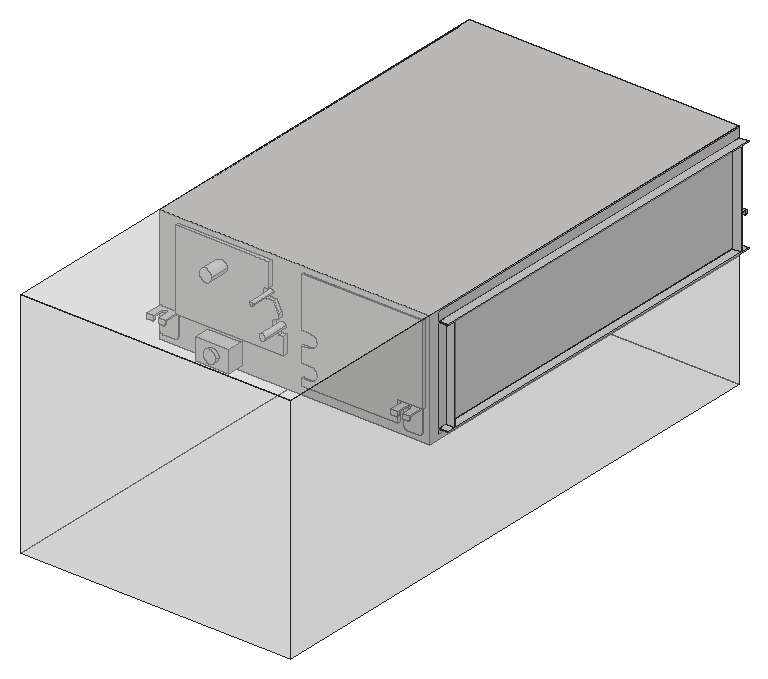
Revit family "outputfile", category 機械設備, Revit 2024
Family settings
  丸型コネクタ寸法 = 半径を使用
  パーツ タイプ = 標準
  OmniClass 番号 = 23.75.10.24.21.27.27
  OmniClass タイトル = Split System Air Conditioning Units
  作業面ベース = いいえ
  常に垂直 = はい
  ロード時にボイドで切り取り = いいえ
  注釈の向きを維持 = いいえ
  共有 = いいえ
  部屋計算ポイント = はい
Parameters (values of type "FXMQ100ARV1")
  製造元 = "Daikin"
  書き出し IFC クラス(タイプ) = "IfcUnitaryEquipmentType"
  定義済み IFC タイプ(タイプ) = "AIRCONDITIONINGUNIT"
  モデル = "FXMQ100ARV1"
  r_Liquid Pipe Size = Liquid Pipe Size / 2  # 4.75 mm
  r_Gas Pipe Size = Gas Pipe Size / 2  # 7.95 mm
  r_Drain Pipe Size = Drain Pipe Size / 2  # 16.0 mm
  lw_power = 396.0 mm  # constant formula
  lh_SA = 165.0 mm  # constant formula
  lw_SA = if(Depth = 550.0 mm, 210.0 mm, if(Depth = 700.0 mm, 285.0 mm, if(Depth = 1000.0 mm, 435.0 mm, 635.0 mm)))  # 435.0 mm
  lw_RA = if(Depth = 550.0 mm, 288.0 mm, if(Depth = 700.0 mm, 363.0 mm, if(Depth = 1000.0 mm, 513.0 mm, 713.0 mm)))  # 513.0 mm
  lh_power = 60.0 mm + [h***]  # 60.0 mm
  lh_mountinghole1 = lh_mountinghole + [h***]  # 80.0 mm
  lh_RA = 150.0 mm  # constant formula
  ld_power = Depth / 2  # 500.0 mm
  Voltage_comment_60Hz = "220-240"
  Voltage_comment_50Hz = "220-240"
  Voltage_60Hz = 220 V
  Voltage_50Hz = 220 V
  Supply Air Direction [instance] = yes
  Phase_60Hz = 1
  Phase_50Hz = 1
  Minimum Circuit Amps_60Hz = 2.2 A
  Minimum Circuit Amps_50Hz = 1.6 A
  Maximum Fuse Amps_60Hz = 15.0 A
  Maximum Fuse Amps_50Hz = 15.0 A
  Maximum External Static Pressure = 60.00 Pa
  Material_Casing = DAIKIN_GalvanizedSteel_Casing_indoorunit
  lw_mountinghole = 631.0 mm  # constant formula
  lh_gaspipe = 144.0 mm + [h***]  # 144.0 mm
  lh_mountinghole = 80.0 mm  # constant formula
  lh_liquidpipe = 212.0 mm + [h***]  # 212.0 mm
  lh_drainpipe = 232.0 mm + [h***]  # 232.0 mm
  lh_antena = Height - lh_mountinghole + 1.0 mm  # 221.0 mm
  ld_drainpipe = Depth / 2 + 59.0 mm  # 559.0 mm
  ld_liquidpipe = 565.0 mm
  ld_gaspipe = 565.0 mm
  ld_mountinghole = Depth + 38.0 mm  # 1038.0 mm
  h*** = 0.0 mm  # constant formula
  lw_liquidpipe = 290.0 mm  # constant formula
  lw_gaspipe = 318.0 mm  # constant formula
  lw_drainpipe = 167.0 mm  # constant formula
  Width = 700.0 mm
  Version = "ver.1.0"
  Unit Type = "Duct_M.S.P."
  Unit Mass Weight = 36.00 kg
  Unit Designation [instance] = ""
  Uniclass2015Version = "Products v1.30"
  Uniclass2015Title = "Variable refrigerant flow units"
  Uniclass2015Code = "Pr_70_65_03_94"
  Total Heating Capacity [instance] = 0.000 kW
  Total Cooling Capacity [instance] = 0.000 kW
  Sound Pressure Level_L speed (dBA) = 42
  Sound Pressure Level_H speed (dBA) = 44
  Series = "VRV Fan Coil Unit"
  Sensible Cooling Capacity [instance] = 0.000 kW
  SA Duct Size Width = if(Depth = 550.0 mm, 310.0 mm, if(Depth = 700.0 mm, 460.0 mm, if(Depth = 1000.0 mm, 760.0 mm, 1160.0 mm)))  # 760.0 mm
  SA Duct Size Height = 215.0 mm
  Refrigerant Type = "R410A"
  RA Duct Size Width = if(Depth = 550.0 mm, 475.0 mm, if(Depth = 700.0 mm, 625.0 mm, if(Depth = 1000.0 mm, 925.0 mm, 1325.0 mm)))  # 925.0 mm
  RA Duct Size Height = 247.0 mm
  Power Input (Heating) = 0.345 kW
  Power Input (Cooling) = 0.345 kW
  Option Accessory 3 [instance] = ""
  Option Accessory 2 [instance] = ""
  Option Accessory 1 [instance] = ""
  Nominal Heating Capacity = 11.200 kW
  Nominal Cooling Capacity = 11.200 kW
  Minimum Airflow = 1740.00 m³/h
  Median Airflow = 0.00 m³/h
  Maximum Airflow = 2040.00 m³/h
  Load Classification = HVAC
  Liquid Pipe Size = 9.5 mm
  Link_Nested Family [instance] = ""
  IfcVersion = ""
  IfcExportType = "AIRCONDITIONINGUNIT"
  IfcExportAs = "IfcUnitaryEquipmentType"
  Height = 300.0 mm
  Heating Entering Wet Bulb Temperature [instance] = 0.00 °C
  Heating Entering Dry Bulb Temperature [instance] = 0.00 °C
  Heating Ambient Wet Bulb Temperature [instance] = 0.00 °C
  Heating Ambient Dry Bulb Temperature [instance] = 0.00 °C
  Heat Exchanger Type = "Cross Fin Coil"
  Gas Pipe Size = 15.9 mm
  Frequency_60Hz = 60 Hz
  Frequency_50Hz = 50 Hz
  Fan Type = "Sirocco Fan"
  Fan Drive = "Direct Drive"
  FCU Tag No. [instance] = ""
  Drain Pipe Size = 32.0 mm
  Design Supply Airflow [instance] = 0.00 m³/h
  Design Return Airflow [instance] = 0.00 m³/h
  Design External Static Pressure [instance] = 0.00 Pa
  Depth = 1000.0 mm
  既定の高さ = 0.0 mm
  Cooling Entering Wet Bulb Temperature [instance] = 0.00 °C
  Cooling Entering Dry Bulb Temperature [instance] = 0.00 °C
  Cooling Ambient Wet Bulb Temperature [instance] = 0.00 °C
  Cooling Ambient Dry Bulb Temperature [instance] = 0.00 °C
  Clearance visibility [instance] = yes
  Clearance Top = 0.0 mm
  Clearance Right = 0.0 mm
  Clearance Rear = 0.0 mm
  Clearance Left = 0.0 mm
  Clearance Front = 450.0 mm
  Clearance Bottom = 300.0 mm
Reference planes
  plane 1 "Center (Front/Back)": y = 0
  plane 2 "h": z = 0
  plane 3 "Center (Left/Right)": x = 0
  plane 4 "Back": y = 500
  plane 5 "Front": y = -500
  plane 6 "Left": x = -350
  plane 7 "Reight": x = 350
  plane 8 "Top": z = 0
  plane 9 "Bottom": z = -300
  plane 10: y = -215
  plane 11: y = 500
  plane 12: y = -950
  plane 13: x = -350
  plane 14: x = 350
  plane 15: z = 0
  plane 16: z = -600
  plane 17: x = -350
  plane 18: z = -135
  plane 19: x = -349
  plane 20: x = 349
  plane 21: y = 65
  plane 22: y = 13
  plane 23: z = -150
  plane 24: y = -510.8
  plane 25: z = -14
  plane 26: z = -219
  plane 27: x = -60
  plane 28: x = -20
  plane 29: z = -156
  plane 30: x = -32
  plane 31: z = -88
  plane 32: x = 23
  plane 33: x = 335
  plane 34: z = -15.8
  plane 35: z = -274.8
  plane 36: z = -219.8
  plane 37: x = 271
  plane 38: x = -223.3
  plane 39: x = -138.3
  plane 40: z = -232.7
  plane 41: z = -288.5
  plane 42: y = -541
  plane 43: x = -181
  plane 44: z = -260
  plane 45: y = -549
  plane 46: z = -163.8
  plane 47: z = -239.8
  plane 48: x = 46
  plane 49: z = -88
  plane 50: x = -60
  plane 51: y = -565
  plane 52: z = -156
  plane 53: x = -32
  plane 54: y = -559
  plane 55: z = -68
  plane 56: x = -183
  plane 57: x = -183
  plane 58: x = -60
  plane 59: x = -32
  plane 60: x = 46
  plane 61: x = -323
  plane 62: x = 308
  plane 63: y = -519
  plane 64: y = 519
  plane 65: z = -220
  plane 66: y = -506
  plane 67: x = -298.5
  plane 68: x = -374
  plane 69: x = 374
Forms (mm)
  Extrusion 1, solid, material "DAIKIN_GalvanizedSteel_Casing_indoorunit" <- "Material_Casing"
    sketch origin (0, 0, 0) x (1, 0, 0) y (0, 1, 0)
      loop
        line (-349, 500) -> (-349, -500) -> (349, -500) -> (349, 500) -> (-349, 500)
    from -300 to 0
  Extrusion 2, solid, material "DAIKIN_GalvanizedSteel_Casing_indoorunit" <- "Material_Casing"
    sketch origin (0, 0, 0) x (1, 0, 0) y (0, 0, 1)
      loop
        line (-298.5, -219) -> (-20, -219) -> (-20, -173.5) -> (-32, -173.5)
        arc (-32, -173.5) -> (-49.471, -157.002) -> (-34, -138.615) r 17.5
        line (-34, -138.615) -> (-34, -127.5) -> (-47, -101) -> (-60, -101)
        arc (-60, -101) -> (-73, -88) -> (-60, -75) r 13
        line (-60, -75) -> (-60, -14) -> (-298.5, -14) -> (-298.5, -219)
    from 500 to 510.8
  Extrusion 3, solid, material "DAIKIN_GalvanizedSteel_Casing_indoorunit" <- "Material_Casing"
    sketch origin (0, 0, 0) x (1, 0, 0) y (0, 0, 1)
      loop
        line (23, -274.8) -> (271, -274.8) -> (271, -219.8) -> (335, -219.8) -> (335, -15.8) -> (23, -15.8) -> (23, -146.3) -> (46, -146.3)
        arc (46, -146.3) -> (63.5, -163.8) -> (46, -181.3) r 17.5
        line (46, -181.3) -> (23, -181.3) -> (23, -222.3) -> (46, -222.3)
        arc (46, -222.3) -> (63.5, -239.8) -> (46, -257.3) r 17.5
        line (46, -257.3) -> (23, -257.3) -> (23, -274.8)
    from 500 to 506
  Extrusion 4, solid, material "DAIKIN_GalvanizedSteel_Casing_indoorunit" <- "Material_Casing"
    sketch origin (0, 0, 0) x (1, 0, 0) y (0, 0, 1)
      loop
        line (-223.3, -232.7) -> (-223.3, -288.5) -> (-138.3, -288.5) -> (-138.3, -232.7) -> (-223.3, -232.7)
    from 500 to 541
  Extrusion 5, solid, material "DAIKIN_GalvanizedSteel_Casing_indoorunit" <- "Material_Casing"
    sketch origin (0, 0, 0) x (1, 0, 0) y (0, 0, 1)
      loop
        circle (-181, -260) r 16.5
    from 541 to 549
  Extrusion 6, solid
    sketch origin (0, 0, 0) x (1, 0, 0) y (0, 0, 1)
      loop
        circle (-60, -88) r 4.75
    from 500 to 565
  Extrusion 7, solid
    sketch origin (0, 0, 0) x (1, 0, 0) y (0, 0, 1)
      loop
        circle (-32, -156) r 7.95
    from 500 to 565
  Extrusion 8, solid
    sketch origin (0, 0, 0) x (1, 0, 0) y (0, 0, 1)
      loop
        circle (-183, -68) r 16
    from 510.8 to 559
Dimensions and locks
  "Height": plane 8 "Top" to plane 9 "Bottom"
  equal spacing: plane 4 "Back", plane 1 "Center (Front/Back)", plane 5 "Front"
  "Depth": plane 4 "Back" to plane 5 "Front"
  equal spacing: plane 6 "Left", plane 3 "Center (Left/Right)", plane 7 "Reight"
  "Width": plane 6 "Left" to plane 7 "Reight"
  "Clearance Left": plane 13 to plane 6 "Left"
  "Clearance Right": plane 7 "Reight" to plane 14
  "Clearance Rear": plane 11 to plane 4 "Back"
  "Clearance Front": plane 5 "Front" to plane 12
  "Clearance Top": plane 15 to plane 8 "Top"
  "Clearance Bottom": plane 9 "Bottom" to plane 16
  "lh_SA": plane 18 to plane 9 "Bottom"
  locked: plane 17 to plane 19 at 1
  "lw_SA": plane 4 "Back" to plane 21
  "lw_RA": plane 22 to plane 5 "Front"
  "lh_RA": plane 23 to plane 9 "Bottom"
  locked: plane 5 "Front" to plane 24 at 10.8
  plane 30 to plane 27 to plane 6 "Left" = 28.0 mm locked, 290.0 mm locked
  plane 33 to plane 32 to plane 6 "Left" = 312.0 mm locked, 373.0 mm locked
  locked: plane 33 to plane 37 at 64
  locked: plane 36 to plane 35 at 55
  plane 39 to plane 38 to plane 6 "Left" = 85.0 mm locked, 126.7 mm locked
  locked: plane 5 "Front" to plane 42 at 41
  locked: plane 43 to plane 6 "Left" at 169
  locked: plane 42 to plane 45 at 8
  plane 46 to plane 47 to plane 35 = 76.0 mm locked, 35.0 mm locked
  locked: plane 48 to plane 32 at 23
  "lw_liquidpipe": plane 50 to plane 6 "Left"
  "lh_liquidpipe": plane 49 to plane 9 "Bottom"
  "lh_gaspipe": plane 52 to plane 9 "Bottom"
  "lw_gaspipe": plane 53 to plane 6 "Left"
  "ld_gaspipe": plane 51 to plane 1 "Center (Front/Back)"
  "ld_drainpipe": plane 54 to plane 1 "Center (Front/Back)"
  "lh_drainpipe": plane 55 to plane 9 "Bottom"
  "lw_drainpipe": plane 56 to plane 6 "Left"
  "lw_drainpipe": plane 6 "Left" to plane 57
  "lw_liquidpipe": plane 6 "Left" to plane 58
  "lw_gaspipe": plane 6 "Left" to plane 59
  "lw_power": plane 6 "Left" to plane 60
  plane 17 to plane 61 = 27.0 mm
  "lw_mountinghole": plane 61 to plane 62
  equal spacing: plane 63, plane 1 "Center (Front/Back)", plane 64
  "ld_mountinghole": plane 64 to plane 63
  "lh_mountinghole": plane 65 to plane 9 "Bottom"
  plane 8 "Top" to plane 40 to plane 41 = 232.7 mm locked, 55.8 mm locked
  locked: plane 8 "Top" to plane 44 at 260
  plane 8 "Top" to plane 25 to plane 26 = 14.0 mm locked, 205.0 mm locked
  plane 8 "Top" to plane 31 to plane 29 = 88.0 mm locked, 68.0 mm locked
  plane 8 "Top" to plane 34 to plane 35 = 15.8 mm locked, 259.0 mm locked
  locked: plane 5 "Front" to plane 66 at 6
  locked: plane 68 to plane 6 "Left" at 24
  locked: plane 7 "Reight" to plane 69 at 24
  locked: plane 67 to plane 13 at 51.5
  locked: plane 28 to plane 30 at 12
  locked: Extrusion 2 sketch curve to plane 27 at 26
  plane 5 "Front" to plane 51 = 65.0 mm
  plane 5 "Front" to plane 54 = 59.0 mm
  locked: plane 20 to plane 7 "Reight" at 1
  "r_Liquid Pipe Size": radius of Extrusion 6 sketch curve
  "r_Gas Pipe Size": radius of Extrusion 7 sketch curve
  "r_Drain Pipe Size": radius of Extrusion 8 sketch curve
  aligned and locked: level to plane 2 "h"
  aligned and locked: plane 8 "Top" to Extrusion 1
  aligned and locked: Extrusion 1 to plane 9 "Bottom"
  aligned and locked: nested 5 to plane 12
  aligned and locked: plane 13 to nested 5
  aligned and locked: plane 14 to nested 5
  aligned and locked: nested 5 to plane 13
  aligned and locked: plane 11 to nested 5
  aligned and locked: plane 15 to nested 5
  aligned and locked: plane 16 to nested 5
  aligned and locked: plane 5 "Front" to Extrusion 1 sketch curve
  aligned and locked: Extrusion 1 to plane 19
  aligned and locked: plane 20 to Extrusion 1
  aligned and locked: nested 7 to plane 19
  aligned and locked: nested 7 to plane 21
  aligned and locked: plane 18 to nested 7
  aligned and locked: plane 20 to nested 8
  aligned and locked: plane 22 to nested 8
  aligned and locked: plane 23 to nested 8
  aligned and locked: Extrusion 2 to plane 24
  aligned and locked: plane 5 "Front" to Extrusion 2
  aligned and locked: plane 35 to Extrusion 3 sketch curve
  aligned and locked: plane 37 to Extrusion 3 sketch curve
  aligned and locked: plane 36 to Extrusion 3 sketch curve
  aligned and locked: Extrusion 3 sketch curve to plane 33
  aligned and locked: Extrusion 3 sketch curve to plane 34
  aligned and locked: Extrusion 3 sketch curve to plane 32
  aligned and locked: plane 5 "Front" to Extrusion 3
  aligned and locked: Extrusion 4 sketch curve to plane 40
  aligned and locked: Extrusion 4 sketch curve to plane 38
  aligned and locked: plane 41 to Extrusion 4 sketch curve
  aligned and locked: plane 39 to Extrusion 4 sketch curve
  aligned and locked: Extrusion 4 to plane 42
  aligned and locked: plane 5 "Front" to Extrusion 4
  aligned and locked: Extrusion 5 sketch curve to plane 43
  aligned and locked: plane 44 to Extrusion 5 sketch curve
  aligned and locked: Extrusion 5 to plane 45
  aligned and locked: plane 42 to Extrusion 5
  aligned and locked: Extrusion 6 sketch curve to plane 50
  aligned and locked: plane 49 to Extrusion 6 sketch curve
  aligned and locked: Extrusion 6 to plane 51
  aligned and locked: plane 5 "Front" to Extrusion 6
  aligned and locked: Extrusion 7 sketch curve to plane 53
  aligned and locked: plane 52 to Extrusion 7 sketch curve
  aligned and locked: Extrusion 7 to Extrusion 6
  aligned and locked: plane 5 "Front" to Extrusion 7
  aligned and locked: Extrusion 8 sketch curve to plane 56
  aligned and locked: Extrusion 8 sketch curve to plane 55
  aligned and locked: Extrusion 8 to plane 54
  aligned and locked: plane 24 to Extrusion 8
  aligned and locked: nested 3 to plane 54
  aligned and locked: plane 57 to nested 3
  aligned and locked: plane 58 to nested 2
  aligned and locked: nested 2 to plane 51
  aligned and locked: nested 1 to plane 59
  aligned and locked: Extrusion 7 to plane 51
  aligned and locked: nested 1 to plane 51
  aligned and locked: nested 6 to plane 5 "Front"
  aligned and locked: nested 6 to plane 60
  aligned and locked: plane 61 to nested 10
  aligned and locked: nested 10 to plane 5 "Front"
  aligned and locked: plane 62 to nested 9
  aligned and locked: nested 9 to plane 5 "Front"
  aligned and locked: nested 11 to plane 61
  aligned and locked: plane 4 "Back" to nested 11
  aligned and locked: nested 12 to plane 62
  aligned and locked: plane 4 "Back" to nested 12
  aligned and locked: plane 65 to nested 10
  aligned and locked: plane 65 to nested 11
  aligned and locked: plane 65 to nested 9
  aligned and locked: plane 65 to nested 12
  aligned and locked: plane 61 to nested 14
  aligned and locked: nested 14 to plane 64
  aligned and locked: plane 62 to nested 13
  aligned and locked: nested 13 to plane 64
  aligned and locked: plane 62 to nested 16
  aligned and locked: plane 63 to nested 16
  aligned and locked: plane 63 to nested 15
  aligned and locked: plane 61 to nested 15
  aligned and locked: Extrusion 3 to plane 66
  aligned and locked: plane 67 to Extrusion 2 sketch curve
  aligned and locked: nested 17 to plane 21
  aligned and locked: nested 17 to plane 68
  aligned and locked: plane 18 to nested 17
  aligned and locked: plane 22 to nested 18
  aligned and locked: plane 69 to nested 18
  aligned and locked: nested 18 to plane 23
  aligned and locked: nested 4 to plane 3 "Center (Left/Right)"
  aligned and locked: plane 1 "Center (Front/Back)" to nested 4
  aligned and locked: level to plane 8 "Top"
  aligned and locked: Extrusion 2 sketch curve to plane 28
  aligned and locked: Extrusion 2 sketch curve to plane 26
Automatic sketch dimensions
  plane 6 "Left" to Extrusion 1 sketch curve = 1.0 mm
  Extrusion 1 sketch curve to plane 7 "Reight" = 1.0 mm
  Extrusion 1 sketch curve to plane 4 "Back" = 0.0 mm
  Extrusion 3 sketch curve to plane 32 = 0.0 mm  (x2)
  Extrusion 3 sketch curve to plane 46 = 0.0 mm
  Extrusion 3 sketch curve to plane 48 = 0.0 mm  (x2)
  Extrusion 3 sketch curve to plane 47 = 0.0 mm
  Extrusion 3 sketch curve to plane 36 = 2.5 mm
  plane 23 to Extrusion 3 sketch curve = 3.7 mm
  Extrusion 2 sketch curve to plane 25 = 0.0 mm
  plane 27 to Extrusion 2 sketch curve = 0.0 mm
  Extrusion 2 sketch curve to plane 30 = 0.0 mm
  Extrusion 2 sketch curve to plane 29 = 0.0 mm
  Extrusion 2 sketch curve to plane 31 = 0.0 mm
  Extrusion 2 sketch curve to Extrusion 2 sketch curve = 13.0 mm
  Extrusion 2 sketch curve to plane 29 = 17.5 mm
  Extrusion 2 sketch curve to plane 31 = 13.0 mm
  plane 18 to Extrusion 2 sketch curve = 7.5 mm
  radius of Extrusion 5 sketch curve = 16.5 mm
Nested families
  nested 1: "daikin_connector_rotate2" at (-32, 0, -156), length <- "ld_gaspipe", built-in parameter 1001364 <- "lh_gaspipe", radius <- "r_Gas Pipe Size", type "daikin_connector_rotate2"
    with radius 7.95 mm, length 565.0 mm, angle_vertical 90.00°
  nested 2: "daikin_connector_rotate2" at (-60, 0, -88), length <- "ld_liquidpipe", built-in parameter 1001364 <- "lh_liquidpipe", radius <- "r_Liquid Pipe Size", type "daikin_connector_rotate2"
    with radius 4.75 mm, length 565.0 mm, angle_vertical 90.00°
  nested 3: "daikin_connector_rotate2" at (-183, 0, -68), length <- "ld_drainpipe", built-in parameter 1001364 <- "lh_drainpipe", radius <- "r_Drain Pipe Size", type "daikin_connector_rotate2"
    with radius 16.0 mm, length 559.0 mm, angle_vertical 90.00°
  nested 4: "daikin_△_symbolicline" at (0, 0, 300) x (0, -1, 0) z (0, 0, 1), built-in parameter 1001364 <- "Height", visible <- "Supply Air Direction", type "daikin_△_symbolicline"
    with length 200.0 mm
  nested 5: "daikin_clearancespace" at (0, -225, -299.881), visible <- "Clearance visibility", show <- "Clearance visibility", Link_Nested Family <- "Link_Nested Family", type "daikin_clearancespace"
    with width 700.0 mm, show yes, height 600.0 mm, depth 1450.0 mm, Link_Nested Family ""
  nested 6: "daikin_connector_rotate2" at (46, 0, -240), built-in parameter 1001364 <- "lh_power", length <- "ld_power", type "daikin_connector_rotate2"
    with radius 10.0 mm, length 500.0 mm, angle_vertical 90.00°
  nested 7: "daikin_ductflange_FXMQ-ARV1_2" at (-349, 65, -135) x (0, -1, 0) z (0, 0, 1), type "daikin_ductflange_FXMQ-ARV1_2"
    with width 760.0 mm, w 1000.0 mm
  nested 8: "daikin_ductflange_FXMQ-ARV1_1" at (349, 13, -150) x (0, 1, 0) z (0, 0, 1), type "daikin_ductflange_FXMQ-ARV1_1"
    with width 925.0 mm, w 1000.0 mm
  nested 9: "daikin_hangerfixture_FXMQ-ARV1" at (308, -500, -220), type "daikin_hangerfixture_FXMQ-ARV1"
  nested 10: "daikin_hangerfixture_FXMQ-ARV1" at (-323, -500, -220), type "daikin_hangerfixture_FXMQ-ARV1"
  nested 11: "daikin_hangerfixture_FXMQ-ARV1" at (-323, 500, -220) x (-1, 0, 0) z (0, 0, 1), type "daikin_hangerfixture_FXMQ-ARV1"
  nested 12: "daikin_hangerfixture_FXMQ-ARV1" at (308, 500, -220) x (-1, 0, 0) z (0, 0, 1), type "daikin_hangerfixture_FXMQ-ARV1"
  nested 13: "daikin_mountinghole" at (308, 519, -300), h_mountinghole <- "lh_mountinghole1", l_antenna <- "lh_antena", Link_Nested Family <- "Link_Nested Family", type "daikin_mountinghole"
    with show yes, l_antenna 221.0 mm, h_mountinghole 80.0 mm, Link_Nested Family ""
  nested 14: "daikin_mountinghole" at (-323, 519, -300), h_mountinghole <- "lh_mountinghole1", l_antenna <- "lh_antena", Link_Nested Family <- "Link_Nested Family", type "daikin_mountinghole"
    with show yes, l_antenna 221.0 mm, h_mountinghole 80.0 mm, Link_Nested Family ""
  nested 15: "daikin_mountinghole" at (-323, -519, -300), h_mountinghole <- "lh_mountinghole1", l_antenna <- "lh_antena", Link_Nested Family <- "Link_Nested Family", type "daikin_mountinghole"
    with show yes, l_antenna 221.0 mm, h_mountinghole 80.0 mm, Link_Nested Family ""
  nested 16: "daikin_mountinghole" at (308, -519, -300), h_mountinghole <- "lh_mountinghole1", l_antenna <- "lh_antena", Link_Nested Family <- "Link_Nested Family", type "daikin_mountinghole"
    with show yes, l_antenna 221.0 mm, h_mountinghole 80.0 mm, Link_Nested Family ""
  nested 17: "daikin_connector_rotate2" at (-350, 65, -135) x (0, -1, 0) z (0, 0, 1), type "daikin_connector_rotate2"
    with radius 10.0 mm, length 24.0 mm, angle_vertical 90.00°
  nested 18: "daikin_connector_rotate2" at (350, 13, -150) x (0, 1, 0) z (0, 0, 1), type "daikin_connector_rotate2"
    with radius 10.0 mm, length 24.0 mm, angle_vertical 90.00°
Connectors
  piping at (-183, -559, -68), diameter 32, driven by "r_Drain Pipe Size"
    settings: on nested 3, index 3, connector inside diameter 609.6 mm, connector length 0.0 mm, flow factor 0, pipe flow 0.00 m³/h, pressure drop 0.0 Pa, fitting loss kfactor 0, connector angle 0.00°, fixture units 0, engagement length 0.0 mm, angle of deflection 0.00°, flow configuration 1, flow direction 2, fitting loss method 4, system type 16, joint type 0, gender type 0, connector reference index -1, connector utility 0, adjustable connector no, is connector primary yes, connector description "Condensate Drain Piping"
  piping at (-32, -565, -156), diameter 15.9, driven by "r_Gas Pipe Size"
    settings: on nested 1, index 4, connector inside diameter 609.6 mm, connector length 0.0 mm, flow factor 0, pipe flow 0.00 m³/h, pressure drop 0.0 Pa, fitting loss kfactor 0, connector angle 0.00°, fixture units 0, engagement length 0.0 mm, angle of deflection 0.00°, flow configuration 1, flow direction 2, fitting loss method 0, system type 29, joint type 0, gender type 0, connector reference index -1, connector utility 0, adjustable connector no, is connector primary no, connector description "Refrigerant Gas Piping"
  piping at (-60, -565, -88), diameter 9.5, driven by "r_Liquid Pipe Size"
    settings: on nested 2, index 5, connector inside diameter 609.6 mm, connector length 0.0 mm, flow factor 0, pipe flow 0.00 m³/h, pressure drop 0.0 Pa, fitting loss kfactor 0, connector angle 0.00°, fixture units 0, engagement length 0.0 mm, angle of deflection 0.00°, flow configuration 1, flow direction 1, fitting loss method 0, system type 29, joint type 0, gender type 0, connector reference index -1, connector utility 0, adjustable connector no, is connector primary no, connector description "Refrigerant Liquid Piping"
  electrical at (46, -500, -240), driven by "Load Classification"
    settings: on nested 6, index 6, voltage 0 V, apparent load 0 VA, apparent load phase1 0 VA, apparent load phase2 0 VA, apparent load phase3 0 VA, power factor 1, load classification "HVAC", number of poles 1, system type 30, power factor state 1, is connector primary yes, connector utility no, sub classification motor no, connector description "Power Supply"
  hvac at (-374, 65, -135), driven by "SA Duct Size Height", driven by "SA Duct Size Width"
    settings: on nested 17, index 7, duct flow 0.00 m³/h, flow factor 0, pres drop 0.00 Pa, loss coef 0, conn angle 0.00°, conn width 760.0 mm, conn height 215.0 mm, conn diameter 609.6 mm, duct sys type 1, conn prof type 1, flow config 0, flow direction 2, loss method 4, conn ref index -1, conn util no, is conn primary yes, conn desc "SA Duct"
  hvac at (374, 13, -150), driven by "RA Duct Size Height", driven by "RA Duct Size Width"
    settings: on nested 18, index 8, duct flow 0.00 m³/h, flow factor 0, pres drop 0.00 Pa, loss coef 0, conn angle 0.00°, conn width 925.0 mm, conn height 247.0 mm, conn diameter 609.6 mm, duct sys type 2, conn prof type 1, flow config 0, flow direction 1, loss method 4, conn ref index -1, conn util no, is conn primary no, conn desc "RA Duct"
Definition of nested family "daikin_clearancespace"
  Parameters (values of type "daikin_clearancespace")
    Description = "daikin_clearancespace"
    width [instance] = 1823.963 mm
    show [instance] = yes
    material = none
    height [instance] = 1359.762 mm
    depth [instance] = 880.0 mm
    Default Elevation = 0.0 mm
    Link_Nested Family [instance] = ""
  Reference planes
    plane 1 "Center (Front/Back)": y = 0
    plane 2 "Center (Elevation)": z = -0.119
    plane 3 "Center (Left/Right)": x = 0
    plane 4: y = 440
    plane 5: y = -440
    plane 6 "Right": x = 911.982
    plane 7 "Left": x = -911.982
    plane 8 "Top": z = 679.762
    plane 9 "Bottom": z = -680
  Forms (mm)
    Extrusion 1, solid, material <- "material", visible <- "show"
      sketch origin (0, 0, 0) x (1, 0, 0) y (0, 1, 0)
        loop
          line (-911.982, 440) -> (-911.982, -440) -> (911.982, -440) -> (911.982, 440) -> (-911.982, 440)
      from -680 to 679.762
  Lines and regions (mm)
    symbolic lines, visible <- "show"
      curve 1: line (911.982, 440, 0) -> (-911.982, 440, 0)
      curve 2: line (-911.982, 440, 0) -> (-911.982, -440, 0)
      curve 3: line (-911.982, -440, 0) -> (911.982, -440, 0)
      curve 4: line (911.982, -440, 0) -> (911.982, 440, 0)
      curve 5: line (911.982, 0, 679.762) -> (-911.982, 0, 679.762)
      curve 6: line (911.982, 0, -680) -> (911.982, 0, 679.762)
      curve 7: line (-911.982, 0, -680) -> (911.982, 0, -680)
      curve 8: line (-911.982, 0, 679.762) -> (-911.982, 0, -680)
      curve 9: line (0, 440, 679.762) -> (0, -440, 679.762)
      curve 10: line (0, -440, 679.762) -> (0, -440, -680)
      curve 11: line (0, 440, -680) -> (0, 440, 679.762)
      curve 12: line (0, -440, -680) -> (0, 440, -680)
  Dimensions and locks
    "width": plane 7 "Left" to plane 6 "Right"
    "depth": plane 4 to plane 5
    "height": plane 8 "Top" to plane 9 "Bottom"
    equal spacing: plane 7 "Left", plane 3 "Center (Left/Right)", plane 6 "Right"
    equal spacing: plane 4, plane 1 "Center (Front/Back)", plane 5
    equal spacing: plane 8 "Top", plane 2 "Center (Elevation)", plane 9 "Bottom"
    aligned and locked: level to plane 2 "Center (Elevation)"
    aligned and locked: Extrusion 1 sketch curve to plane 4
    aligned and locked: plane 7 "Left" to Extrusion 1 sketch curve
    aligned and locked: Extrusion 1 sketch curve to plane 5
    aligned and locked: Extrusion 1 sketch curve to plane 6 "Right"
    aligned and locked: plane 8 "Top" to Extrusion 1
    aligned and locked: curve 1 to Extrusion 1
    aligned and locked: curve 2 to Extrusion 1
    aligned and locked: curve 3 to Extrusion 1
    aligned and locked: curve 4 to Extrusion 1
    aligned and locked: curve 5 to Extrusion 1
    aligned and locked: curve 6 to Extrusion 1
    aligned and locked: curve 7 to Extrusion 1
    aligned and locked: curve 8 to Extrusion 1
    aligned and locked: curve 9 to Extrusion 1
    aligned and locked: curve 10 to Extrusion 1
    aligned and locked: curve 11 to Extrusion 1
    aligned and locked: curve 12 to Extrusion 1
    aligned and locked: Extrusion 1 to plane 9 "Bottom"
Definition of nested family "daikin_ductflange_FXMQ-ARV1_2"
  Parameters (values of type "daikin_ductflange_FXDSQ-AVM2")
    width = if(w = 550.0 mm, 310.0 mm, if(w = 700.0 mm, 460.0 mm, if(w = 1000.0 mm, 760.0 mm, 1160.0 mm)))  # 310.0 mm
    material = none
    height = 215.0 mm
    depth = 1.0 mm
    w = 550.0 mm
    Default Elevation = 0.0 mm
  Reference planes
    plane 1 "Center (Front/Back)": y = 0
    plane 2: z = 0
    plane 3 "Center (Left/Right)": x = 0
    plane 4: z = 107.5
    plane 5: z = -107.5
    plane 6: y = -25
    plane 7: z = 132.5
    plane 8: z = 108.5
    plane 9: y = -1
    plane 10: x = -177.5
    plane 11: x = 177.5
    plane 12: z = -132.5
    plane 13: z = -108.5
    plane 14: y = -1
    plane 15: x = 155
    plane 16: x = -155
    plane 17: x = 156
    plane 18: z = 106.5
    plane 19: z = -106.5
    plane 20: x = -156
    plane 21: z = 106.5
    plane 22: z = -106.5
    plane 23: y = -1
  Forms (mm)
    Extrusion 1, solid, material <- "material"
      sketch origin (0, 0, 0) x (0, 1, 0) y (0, 0, 1)
        loop
          line (-25, 107.5) -> (0, 107.5) -> (0, 132.5) -> (-1, 132.5) -> (-1, 108.5) -> (-25, 108.5) -> (-25, 107.5)
      from -177.5 to 177.5
    Extrusion 2, solid, material <- "material"
      sketch origin (0, 0, 0) x (0, 1, 0) y (0, 0, 1)
        loop
          line (-25, -107.5) -> (-25, -108.5) -> (-1, -108.5) -> (-1, -132.5) -> (0, -132.5) -> (0, -107.5) -> (-25, -107.5)
      from -177.5 to 177.5
    Extrusion 3, solid, material <- "material"
      sketch origin (0, 0, 0) x (1, 0, 0) y (0, 0, 1)
        loop
          line (155, 107.5) -> (155, -107.5) -> (177.5, -107.5) -> (177.5, -106.5) -> (156, -106.5) -> (156, 106.5) -> (177.5, 106.5) -> (177.5, 107.5) -> (155, 107.5)
      from 0 to 25
    Extrusion 4, solid, material <- "material"
      sketch origin (0, 0, 0) x (1, 0, 0) y (0, 0, 1)
        loop
          line (-177.5, 107.5) -> (-177.5, 106.5) -> (-156, 106.5) -> (-156, -106.5) -> (-177.5, -106.5) -> (-177.5, -107.5) -> (-155, -107.5) -> (-155, 107.5) -> (-177.5, 107.5)
      from 0 to 25
    Extrusion 5, solid, material <- "material"
      sketch origin (0, 0, 0) x (1, 0, 0) y (0, 0, 1)
        loop
          line (-177.5, 107.5) -> (-177.5, -107.5) -> (-155, -107.5) -> (-155, 107.5) -> (-177.5, 107.5)
        loop
          line (177.5, 107.5) -> (155, 107.5) -> (155, -107.5) -> (177.5, -107.5) -> (177.5, 107.5)
      from 0 to 1
  Cuts and joins
    joined: Extrusion 1, Extrusion 2, Extrusion 3, Extrusion 4, Extrusion 5
  Dimensions and locks
    plane 4 to level to plane 5 = 107.5 mm locked, 107.5 mm locked
    locked: plane 6 to plane 1 "Center (Front/Back)" at 25
    locked: plane 9 to plane 1 "Center (Front/Back)" at 1
    locked: plane 8 to plane 4 at 1
    locked: plane 11 to plane 15 at 22.5
    locked: plane 16 to plane 10 at 22.5
    locked: plane 17 to plane 15 at 1
    locked: plane 4 to plane 18 at 1
    locked: plane 19 to plane 5 at 1
    "width": plane 15 to plane 16
    plane 4 to plane 5 = 215.0 mm
    equal spacing: plane 15, plane 3 "Center (Left/Right)", plane 16
    locked: plane 16 to plane 20 at 1
    locked: plane 4 to plane 21 at 1
    locked: plane 22 to plane 5 at 1
    locked: plane 23 to plane 1 "Center (Front/Back)" at 1
    aligned and locked: level to plane 2
    aligned and locked: Extrusion 1 to plane 10
    aligned and locked: plane 11 to Extrusion 1
    aligned and locked: plane 5 to Extrusion 2
    aligned and locked: Extrusion 2 to plane 1 "Center (Front/Back)"
    aligned and locked: plane 15 to Extrusion 3 sketch curve
    aligned and locked: Extrusion 3 sketch curve to Extrusion 2  (x2)
    aligned and locked: Extrusion 3 sketch curve to plane 11
    aligned and locked: plane 6 to Extrusion 3
    aligned and locked: Extrusion 2 to plane 10
    aligned and locked: plane 11 to Extrusion 2
    aligned and locked: Extrusion 4 sketch curve to Extrusion 1  (x2)
    aligned and locked: plane 5 to Extrusion 4 sketch curve
    aligned and locked: Extrusion 4 sketch curve to plane 16
    aligned and locked: Extrusion 4 sketch curve to plane 22
    aligned and locked: plane 20 to Extrusion 4 sketch curve
    aligned and locked: plane 21 to Extrusion 4 sketch curve
    aligned and locked: Extrusion 4 to plane 1 "Center (Front/Back)"
    aligned and locked: plane 6 to Extrusion 4
    aligned and locked: Extrusion 5 sketch curve to Extrusion 1  (x4)
    aligned and locked: Extrusion 5 sketch curve to Extrusion 4  (x2)
    aligned and locked: Extrusion 5 sketch curve to Extrusion 3  (x2)
    aligned and locked: Extrusion 5 to plane 1 "Center (Front/Back)"
    aligned and locked: plane 23 to Extrusion 5
  Automatic sketch dimensions
    Extrusion 1 sketch curve to plane 6 = 0.0 mm
    Extrusion 1 sketch curve to plane 7 = 0.0 mm
    Extrusion 1 sketch curve to plane 9 = 0.0 mm
    Extrusion 1 sketch curve to plane 1 "Center (Front/Back)" = 0.0 mm
    Extrusion 1 sketch curve to plane 4 = 0.0 mm
    Extrusion 1 sketch curve to plane 8 = 0.0 mm
    Extrusion 2 sketch curve to plane 6 = 0.0 mm
    plane 12 to Extrusion 2 sketch curve = 0.0 mm
    Extrusion 2 sketch curve to plane 14 = 0.0 mm
    Extrusion 2 sketch curve to plane 1 "Center (Front/Back)" = 0.0 mm
    plane 13 to Extrusion 2 sketch curve = 0.0 mm
    Extrusion 2 sketch curve to plane 5 = 0.0 mm
    Extrusion 3 sketch curve to plane 17 = 0.0 mm
    Extrusion 3 sketch curve to plane 19 = 0.0 mm
    Extrusion 3 sketch curve to plane 18 = 0.0 mm
    Extrusion 3 sketch curve to plane 4 = 0.0 mm
    Extrusion 4 sketch curve to plane 10 = 0.0 mm
Definition of nested family "daikin_ductflange_FXMQ-ARV1_1"
  Parameters (values of type "daikin_ductflange_FXDSQ-AVM")
    width = if(w = 550.0 mm, 475.0 mm, if(w = 700.0 mm, 625.0 mm, if(w = 1000.0 mm, 925.0 mm, 1325.0 mm)))  # 475.0 mm
    material = none
    height = 247.0 mm
    depth = 1.0 mm
    w = 550.0 mm
    Default Elevation = 0.0 mm
  Reference planes
    plane 1 "Center (Front/Back)": y = 0
    plane 2: z = 0
    plane 3 "Center (Left/Right)": x = 0
    plane 4: z = 123.5
    plane 5: z = -123.5
    plane 6: y = -25
    plane 7: z = 146.5
    plane 8: z = 124.5
    plane 9: y = -1
    plane 10: x = -260
    plane 11: x = 260
    plane 12: z = -137
    plane 13: z = -124.5
    plane 14: y = -1
    plane 15: x = 237.5
    plane 16: x = -237.5
    plane 17: x = 238.5
    plane 18: z = 122.5
    plane 19: z = -122.5
    plane 20: x = -238.5
    plane 21: z = 122.5
    plane 22: z = -122.5
    plane 23: y = -1
  Forms (mm)
    Extrusion 1, solid, material <- "material"
      sketch origin (0, 0, 0) x (0, 1, 0) y (0, 0, 1)
        loop
          line (-25, 123.5) -> (0, 123.5) -> (0, 146.5) -> (-1, 146.5) -> (-1, 124.5) -> (-25, 124.5) -> (-25, 123.5)
      from -260 to 260
    Extrusion 2, solid, material <- "material"
      sketch origin (0, 0, 0) x (0, 1, 0) y (0, 0, 1)
        loop
          line (-25, -123.5) -> (-25, -124.5) -> (-1, -124.5) -> (-1, -137) -> (0, -137) -> (0, -123.5) -> (-25, -123.5)
      from -260 to 260
    Extrusion 3, solid, material <- "material"
      sketch origin (0, 0, 0) x (1, 0, 0) y (0, 0, 1)
        loop
          line (237.5, 123.5) -> (237.5, -123.5) -> (260, -123.5) -> (260, -122.5) -> (238.5, -122.5) -> (238.5, 122.5) -> (260, 122.5) -> (260, 123.5) -> (237.5, 123.5)
      from 0 to 25
    Extrusion 4, solid, material <- "material"
      sketch origin (0, 0, 0) x (1, 0, 0) y (0, 0, 1)
        loop
          line (-260, 123.5) -> (-260, 122.5) -> (-238.5, 122.5) -> (-238.5, -122.5) -> (-260, -122.5) -> (-260, -123.5) -> (-237.5, -123.5) -> (-237.5, 123.5) -> (-260, 123.5)
      from 0 to 25
    Extrusion 5, solid, material <- "material"
      sketch origin (0, 0, 0) x (1, 0, 0) y (0, 0, 1)
        loop
          line (-260, 123.5) -> (-260, -123.5) -> (-237.5, -123.5) -> (-237.5, 123.5) -> (-260, 123.5)
        loop
          line (260, 123.5) -> (237.5, 123.5) -> (237.5, -123.5) -> (260, -123.5) -> (260, 123.5)
      from 0 to 1
  Cuts and joins
    joined: Extrusion 1, Extrusion 2, Extrusion 3, Extrusion 4, Extrusion 5
  Dimensions and locks
    plane 4 to level to plane 5 = 123.5 mm, 123.5 mm
    locked: plane 6 to plane 1 "Center (Front/Back)" at 25
    locked: plane 9 to plane 1 "Center (Front/Back)" at 1
    locked: plane 8 to plane 4 at 1
    locked: plane 11 to plane 15 at 22.5
    locked: plane 16 to plane 10 at 22.5
    locked: plane 17 to plane 15 at 1
    locked: plane 4 to plane 18 at 1
    locked: plane 19 to plane 5 at 1
    "width": plane 15 to plane 16
    equal spacing: plane 15, plane 3 "Center (Left/Right)", plane 16
    locked: plane 16 to plane 20 at 1
    locked: plane 4 to plane 21 at 1
    locked: plane 22 to plane 5 at 1
    locked: plane 23 to plane 1 "Center (Front/Back)" at 1
    equal spacing: plane 4, level, plane 5
    locked: plane 7 to plane 4 at 23
    locked: plane 5 to plane 12 at 13.5
    locked: plane 1 "Center (Front/Back)" to plane 14 at 1
    locked: plane 5 to plane 13 at 1
    locked: plane 4 to plane 5 at 247
    aligned and locked: level to plane 2
    aligned and locked: Extrusion 1 to plane 10
    aligned and locked: plane 11 to Extrusion 1
    aligned and locked: plane 5 to Extrusion 2
    aligned and locked: Extrusion 2 to plane 1 "Center (Front/Back)"
    aligned and locked: plane 15 to Extrusion 3 sketch curve
    aligned and locked: Extrusion 3 sketch curve to Extrusion 2  (x2)
    aligned and locked: Extrusion 3 sketch curve to plane 11
    aligned and locked: plane 6 to Extrusion 3
    aligned and locked: Extrusion 2 to plane 10
    aligned and locked: plane 11 to Extrusion 2
    aligned and locked: Extrusion 4 sketch curve to Extrusion 1  (x2)
    aligned and locked: plane 5 to Extrusion 4 sketch curve
    aligned and locked: Extrusion 4 sketch curve to plane 16
    aligned and locked: Extrusion 4 sketch curve to plane 22
    aligned and locked: plane 20 to Extrusion 4 sketch curve
    aligned and locked: plane 21 to Extrusion 4 sketch curve
    aligned and locked: Extrusion 4 to plane 1 "Center (Front/Back)"
    aligned and locked: plane 6 to Extrusion 4
    aligned and locked: Extrusion 5 sketch curve to Extrusion 1  (x4)
    aligned and locked: Extrusion 5 sketch curve to Extrusion 4  (x2)
    aligned and locked: Extrusion 5 sketch curve to Extrusion 3  (x2)
    aligned and locked: Extrusion 5 to plane 1 "Center (Front/Back)"
    aligned and locked: plane 23 to Extrusion 5
  Automatic sketch dimensions
    Extrusion 1 sketch curve to plane 6 = 0.0 mm
    Extrusion 1 sketch curve to plane 7 = 0.0 mm
    Extrusion 1 sketch curve to plane 9 = 0.0 mm
    Extrusion 1 sketch curve to plane 1 "Center (Front/Back)" = 0.0 mm
    Extrusion 1 sketch curve to plane 4 = 0.0 mm
    Extrusion 1 sketch curve to plane 8 = 0.0 mm
    Extrusion 2 sketch curve to plane 6 = 0.0 mm
    plane 12 to Extrusion 2 sketch curve = 0.0 mm
    Extrusion 2 sketch curve to plane 14 = 0.0 mm
    Extrusion 2 sketch curve to plane 1 "Center (Front/Back)" = 0.0 mm
    plane 13 to Extrusion 2 sketch curve = 0.0 mm
    Extrusion 2 sketch curve to plane 5 = 0.0 mm
    Extrusion 3 sketch curve to plane 17 = 0.0 mm
    Extrusion 3 sketch curve to plane 19 = 0.0 mm
    Extrusion 3 sketch curve to plane 18 = 0.0 mm
    Extrusion 3 sketch curve to plane 4 = 0.0 mm
    Extrusion 4 sketch curve to plane 10 = 0.0 mm
Definition of nested family "daikin_hangerfixture_FXMQ-ARV1"
  Parameters (values of type "daikin_hangerfixture_FXMQ-PAVE")
    width = 48.0 mm
    material = none
    height = 65.0 mm
    depth = 45.0 mm
    Default Elevation = 0.0 mm
  Reference planes
    plane 1 "Center (Front/Back)": y = 0
    plane 2: z = 0
    plane 3 "Center (Left/Right)": x = 0
    plane 4: y = 417.146
    plane 5: y = -45
    plane 6: x = -24
    plane 7: x = 24
    plane 8: z = -2.3
    plane 9: z = -65
    plane 10: y = -2.3
    plane 11: z = -12
    plane 12: y = -42.7
  Forms (mm)
    Extrusion 1, solid, material <- "material"
      sketch origin (0, 0, 0) x (1, 0, 0) y (0, 1, 0)
        loop
          line (24, 0) -> (-24, 0) -> (-24, -45) -> (-6, -45) -> (-6, -19)
          arc (-6, -19) -> (0, -13) -> (6, -19) r 6
          line (6, -19) -> (6, -45) -> (24, -45) -> (24, 0)
      from 0 to -2.3
    Extrusion 2, solid, material <- "material"
      sketch origin (0, 0, 0) x (1, 0, 0) y (0, 0, 1)
        loop
          line (24, -55) -> (24, 0) -> (-24, 0) -> (-24, -55)
          arc (-24, -55) -> (-21.071, -62.071) -> (-14, -65) r 10
          line (-14, -65) -> (14, -65)
          arc (14, -65) -> (21.071, -62.071) -> (24, -55) r 10
      from 0 to 2.3
    Extrusion 3, solid, material <- "material"
      sketch origin (0, 0, 0) x (1, 0, 0) y (0, 0, 1)
        loop
          line (-6, -9) -> (-6, 0) -> (-24, 0) -> (-24, -9)
          arc (-24, -9) -> (-23.121, -11.121) -> (-21, -12) r 3
          line (-21, -12) -> (-9, -12)
          arc (-9, -12) -> (-6.879, -11.121) -> (-6, -9) r 3
        loop
          line (6, 0) -> (6, -9)
          arc (6, -9) -> (6.879, -11.121) -> (9, -12) r 3
          line (9, -12) -> (21, -12)
          arc (21, -12) -> (23.121, -11.121) -> (24, -9) r 3
          line (24, -9) -> (24, 0) -> (6, 0)
      from 42.7 to 45
  Cuts and joins
    joined: Extrusion 1, Extrusion 2, Extrusion 3
  Dimensions and locks
    "width": plane 6 to plane 7
    "depth": plane 5 to plane 1 "Center (Front/Back)"
    plane 2 to plane 8 = 2.3 mm
    "height": plane 2 to plane 9
    locked: plane 10 to plane 1 "Center (Front/Back)" at 2.3
    locked: plane 2 to plane 11 at 12
    locked: plane 12 to plane 5 at 2.3
    aligned and locked: level to plane 2
    aligned and locked: Extrusion 1 sketch curve to plane 1 "Center (Front/Back)"
    aligned and locked: plane 7 to Extrusion 1
    aligned and locked: Extrusion 1 to plane 6
    aligned and locked: Extrusion 1 to plane 5  (x2)
    aligned and locked: Extrusion 1 to plane 8
    aligned and locked: plane 2 to Extrusion 1
    aligned and locked: plane 2 to Extrusion 2 sketch curve
    aligned and locked: Extrusion 2 to plane 9
    aligned and locked: Extrusion 2 to plane 10
    aligned and locked: Extrusion 2 to plane 1 "Center (Front/Back)"
    aligned and locked: plane 2 to Extrusion 3 sketch curve  (x2)
    aligned and locked: Extrusion 3 to plane 11  (x2)
    aligned and locked: plane 12 to Extrusion 3
    aligned and locked: Extrusion 3 to plane 5
  Automatic sketch dimensions
    Extrusion 1 sketch curve to plane 6 = 0.0 mm
    Extrusion 1 sketch curve to plane 5 = 0.0 mm  (x2)
    Extrusion 1 sketch curve to plane 3 "Center (Left/Right)" = 0.0 mm
    Extrusion 1 sketch curve to plane 7 = 0.0 mm
    Extrusion 1 sketch curve to plane 3 "Center (Left/Right)" = 6.0 mm
    plane 1 "Center (Front/Back)" to Extrusion 1 sketch curve = 19.0 mm
    Extrusion 2 sketch curve to plane 7 = 0.0 mm
    Extrusion 2 sketch curve to plane 7 = 10.0 mm
    Extrusion 2 sketch curve to plane 8 = 52.7 mm
    plane 6 to Extrusion 2 sketch curve = 10.0 mm
    Extrusion 2 sketch curve to plane 6 = 0.0 mm
    Extrusion 3 sketch curve to plane 6 = 0.0 mm
    Extrusion 3 sketch curve to plane 7 = 0.0 mm
    Extrusion 3 sketch curve to Extrusion 3 sketch curve = 3.0 mm  (x2)
    Extrusion 3 sketch curve to plane 8 = 6.7 mm
    Extrusion 3 sketch curve to plane 3 "Center (Left/Right)" = 9.0 mm
    Extrusion 3 sketch curve to plane 3 "Center (Left/Right)" = 6.0 mm
    plane 3 "Center (Left/Right)" to Extrusion 3 sketch curve = 6.0 mm
    Extrusion 3 sketch curve to plane 7 = 3.0 mm
    Extrusion 3 sketch curve to plane 8 = 9.7 mm
Definition of nested family "daikin_connector_rotate2"
  Parameters (values of type "daikin_connector_rotate2")
    Default Elevation = 1219.2 mm
    show_face = no
    radius [instance] = 10.0 mm
    length [instance] = 600.0 mm
    d_surface = 10.0 mm
    angle_vertical [instance] = 90.00°
  Reference planes
    plane 1 "Center (Front/Back)": y = 0
    plane 2: z = 0
    plane 3 "Center (Left/Right)": x = 0
  Forms (mm)
    Extrusion 1, solid, visible <- "show_face"
      sketch origin (0, -600, 0) x (1, 0, 0) y (0, 0, 1)
        loop
          circle (0, 0) r 10
      from 0 to -10
  Lines and regions (mm)
    reference lines
      curve 1: line (0, 0, 0) -> (0, -600, 0)
    symbolic lines
      curve 2: circle (0, 0, 0) r 5 normal (0, 0, 1)
    model lines, visible <- "show_face"
      curve 3: line (0, 0, 0) -> (0, -600, 0)
  Dimensions and locks
    "length": curve 1 to curve 1
    "length": curve 3 to curve 3
    "d_surface": Extrusion 1 to Extrusion 1
    "radius": radius of Extrusion 1 sketch curve
    "angle_vertical": angle curve 1 to plane 1 "Center (Front/Back)"
    "angle_vertical": angle curve 3 to plane 1 "Center (Front/Back)"
    aligned and locked: level to plane 2
    aligned and locked: plane 1 "Center (Front/Back)" to curve 1
    aligned and locked: plane 2 to curve 1
    aligned and locked: plane 1 "Center (Front/Back)" to curve 2
    aligned and locked: plane 3 "Center (Left/Right)" to curve 2
    aligned and locked: plane 1 "Center (Front/Back)" to curve 3
    aligned and locked: plane 2 to curve 3
    aligned and locked: Extrusion 1 to Extrusion 1
  Automatic sketch dimensions
    Extrusion 1 sketch curve to level = 0.0 mm
    Extrusion 1 sketch curve to plane 3 "Center (Left/Right)" = 0.0 mm
    radius of curve 2 = 5.0 mm
Definition of nested family "daikin_△_symbolicline"
  Parameters (values of type "daikin_△_symbolicline")
    length [instance] = 200.0 mm
    Default Elevation = 0.0 mm
  Reference planes
    plane 1 "Center (Front/Back)": y = 0
    plane 2: z = 0
    plane 3 "Center (Left/Right)": x = 0
  Lines and regions (mm)
    symbolic lines
      curve 1: line (0, -173.205, 0) -> (100, 0, 0)
      curve 2: line (100, 0, 0) -> (-100, 0, 0)
      curve 3: line (-100, 0, 0) -> (0, -173.205, 0)
  Dimensions and locks
    equal spacing: curve 3, plane 3 "Center (Left/Right)", curve 2
    "length": curve 3 to curve 2
    "length": curve 3 to curve 3
    "length": curve 1 to curve 1
    aligned and locked: level to plane 2
    aligned and locked: curve 2 to plane 1 "Center (Front/Back)"
    aligned and locked: plane 3 "Center (Left/Right)" to curve 3
Definition of nested family "daikin_mountinghole"
  Parameters (values of type "daikin_mountinghole")
    Default Elevation = 1219.2 mm
    Type Comments = "mountinghole"
    show [instance] = yes
    material = none
    l_centerline = 100.0 mm
    l_antenna [instance] = 100.0 mm
    h_mountinghole [instance] = 0.0 mm
    d_circle = 30.0 mm
    Link_Nested Family [instance] = ""
  Reference planes
    plane 1 "Center (Front/Back)": y = 0
    plane 2: z = 0
    plane 3 "Center (Left/Right)": x = 0
    plane 4: y = 50
    plane 5: x = -50
    plane 6: x = 50
    plane 7: y = -50
    plane 8 "h_mountinghole": z = 0
    plane 9: z = 100
  Lines and regions (mm)
    model lines, detail levels fine
      curve 1: circle (0, 0, 0) r 15 normal (0, 0, 1)
      curve 2: line (-50, 0, 0) -> (50, 0, 0)
      curve 3: line (0, 50, 0) -> (0, -50, 0)
    symbolic lines, detail levels fine
      curve 4: circle (0, 0, 0) r 15 normal (0, 0, 1)
      curve 5: line (-50, 0, 0) -> (50, 0, 0)
      curve 6: line (0, 50, 0) -> (0, -50, 0)
    model lines
      curve 7: line (0, 0, 100) -> (0, 0, 0)
  Dimensions and locks
    equal spacing: plane 4, plane 1 "Center (Front/Back)", plane 7
    "l_centerline": plane 4 to plane 7
    equal spacing: plane 5, plane 3 "Center (Left/Right)", plane 6
    "l_centerline": plane 5 to plane 6
    "l_antenna": plane 9 to plane 8 "h_mountinghole"
    "h_mountinghole": plane 8 "h_mountinghole" to plane 2
    "d_circle": diameter of curve 1
    "d_circle": diameter of curve 4
    aligned and locked: level to plane 2
    aligned and locked: plane 1 "Center (Front/Back)" to curve 1
    aligned and locked: plane 3 "Center (Left/Right)" to curve 1
    aligned and locked: plane 1 "Center (Front/Back)" to curve 2
    aligned and locked: curve 3 to plane 3 "Center (Left/Right)"
    aligned and locked: plane 6 to curve 2
    aligned and locked: plane 5 to curve 2
    aligned and locked: plane 4 to curve 3
    aligned and locked: plane 7 to curve 3
    aligned and locked: plane 1 "Center (Front/Back)" to curve 4
    aligned and locked: plane 3 "Center (Left/Right)" to curve 4
    aligned and locked: plane 6 to curve 5
    aligned and locked: plane 5 to curve 5
    aligned and locked: plane 1 "Center (Front/Back)" to curve 5
    aligned and locked: plane 4 to curve 6
    aligned and locked: plane 7 to curve 6
    aligned and locked: curve 6 to plane 3 "Center (Left/Right)"
    aligned and locked: curve 7 to plane 3 "Center (Left/Right)"
    aligned and locked: plane 9 to curve 7
    aligned and locked: plane 8 "h_mountinghole" to curve 7
